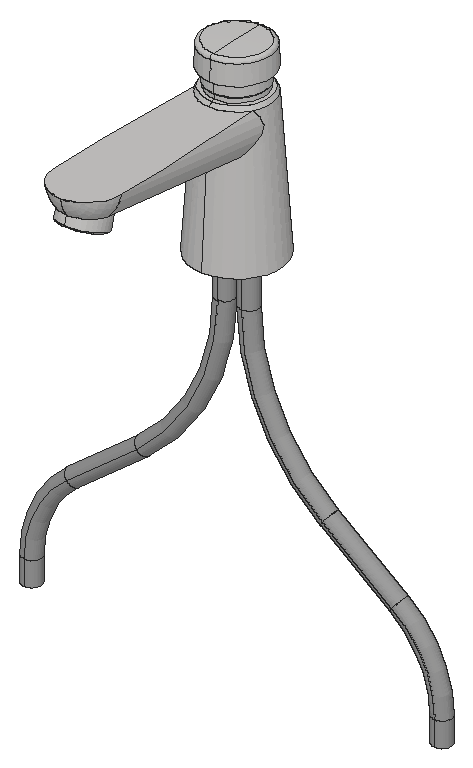
Revit family "PlumbingFixture_GroheLimited_BasinMixer_36265000_METRIC1", category Plumbing Fixtures, host Face, Revit 2015
Parameters (values of type "36265000")
  _DistributedBy = "www.bimstore.co.uk"
  _CurrentRevision = 1
  _CreatedBy = "www.bimstore.co.uk"
  _BimSpecGuid = 0
  _BSBibleVersion = 14
  _AuthorizedBy = "Kris Atkinson"
  _Author = "Ryan Lashley"
  Waste Connection = no
  WarrantyStartDate [instance] = "Please Record On Commissioning."
  WarrantyGuarantorParts = "info-uk@grohe.com"
  WarrantyGuarantorLabor = "info-uk@grohe.com"
  WarrantyDurationUnit = "Years"
  WarrantyDurationParts = "n/a"
  WarrantyDurationLabor = "n/a"
  WarrantyDescription = "n/a"
  WFU = 0
  Vent Connection = no
  URL = "www.grohe.com"
  TypeName = "Euroeco Cosmopolitan T Self-closing pillar tap 1/2\""
  Type Comments = "36265000"
  SpareParts = "n/a"
  Size = "n/a"
  Shape = "n/a"
  SerialNumber [instance] = "Please Record On Commissioning."
  ReplacementCost = "n/a"
  ReferencedStandard = "n/a"
  ProductionYear = "2017"
  ProductPageURL = "https://www.grohe.co.uk/en_gb/euroeco-cosmopolitan-t-self-closing-pillar-tap-1-2-36265000.html"
  ProductDocumentationLink = "https://www.grohe.co.uk/en_gb/euroeco-cosmopolitan-t-self-closing-pillar-tap-1-2-36265000.html"
  PrimaryMaterials = Grohe-Chrome-Polished
  PercentageOfRecycledContent = "n/a"
  NominalLength = 0 mm
  NominalHeight = 0 mm
  NominalDepth = 0 mm
  NBSReference = "45-35-70/345"
  NBSOfficeMasterTag = "n/a"
  NBSObjectName = "Grohe Limited - Water supply fittings for sinks"
  NBSNote = ""
  NBSDescription = "Water supply fittings for sinks"
  ModelReference = "Euroeco Cosmopolitan T Self-closing pillar tap 1/2\""
  ModelNumber = "36265000"
  Model = "Euroeco Cosmopolitan T Self-closing pillar tap 1/2\""
  Material = "Chrome"
  MasterformatTitle = "Sanitary Facilities"
  MasterformatNumber = "01 52 19"
  ManufacturerName = "Grohe Limited"
  Manufacturer = "Grohe Limited"
  LowEmittingMaterial = no
  LEEDCredit = "n/a"
  Keynote = "N13"
  InstallationDate [instance] = "Please Record On Commissioning."
  IndustryStandards = "n/a"
  IfcExportType = "IfcPipeFittingType"
  IfcExportAs = "IfcPipeFitting"
  HotWaterConnectionDiameter = 10 mm
  HWFU = 4.5
  HW Connection = yes
  Grade = "n/a"
  Finish = "Chrome"
  Features = "marking: blue/red. GROHE StarLight chrome finish. 3 adjustable flow times: short - medium - long (factory setting: short), approx. 7, 15, 30 sec (pressure dependent)."
  ExpectedLife = 0
  Ecojoy = no
  DurationUnit = "Years"
  DocumentationTechnical = "n/a"
  DocumentationMaintenance = "n/a"
  DocumentationLiterature = "n/a"
  DocumentationInstallationGuide = "n/a"
  DocumentationCertificates = "n/a"
  Description = "marking: blue/red. GROHE StarLight chrome finish. 3 adjustable flow times: short - medium - long (factory setting: short), approx. 7, 15, 30 sec (pressure dependent)."
  Default Elevation = 0 mm
  CreatedOn = "2017-05-08T00:00:00"
  CreatedBy = "info-uk@grohe.com"
  Cost = 0
  ContactGrohe = "GROHE Limited, World Business Centre 2, Newall Road, London Heathrow Airport, Hounslow, Middlesex, TW6 2SF - Tel: +44 (0) 871 200 3414 - Fax: +44 (0) 871 200 3415 - Email: info-uk@grohe.com"
  Constituents = "n/a"
  Color = "Chrome"
  ColdWaterConnectionDiameter = 10 mm
  CodePerformance = "n/a"
  ClassificationValue = "Pr_40_20_87_82"
  ClassificationName = "Uniclass2015"
  CWFU = 4.5
  CW Connection = yes
  BarCode [instance] = "Please Record On Commissioning."
  BIMObjectName = "PlumbingFixture_GroheLimited_BasinMixer_36265000_METRIC"
  AssetType = "Fixed"
  AssetIdentifier [instance] = "Please Record On Commissioning."
  Assembly Code = "D2010"
  AccessibilityPerformance = "n/a"
  ADACompliant = no
Reference planes
  plane 1 "Center (Front/Back)": y = 0
  plane 2: z = 0
  plane 3 "Center (Left/Right)": x = 0
Forms (mm)
  Revolve 1, solid, material "Grohe-Chrome-Polished" <- "PrimaryMaterials"
    sketch origin (0, 0, 0) x (0, 1, 0) y (0, 0, 1)
      loop
        line (0, 98.62) -> (0, 0) -> (22.5, 0) -> (17.53, 74.543) -> (16.412, 76.707) -> (14, 76.707) -> (14, 79) -> (14.7, 79.7) -> (14.7, 85.3) -> (13.88, 86.12) -> (17.25, 86.12) -> (17.07, 96.425)
        arc (17.07, 96.425) -> (16.494, 97.795) -> (15.132, 98.389) r 2
        arc (15.132, 98.389) -> (7.567, 98.563) -> (0, 98.62) r 488.822
      axis (0, 0) -> (0, 98.62)
    angle from 0 to 360
  Revolve 2, solid, material "Grohe-Chrome-Polished" <- "PrimaryMaterials"
    sketch origin (0, 0, 0) x (0, 1, 0) y (0, 0, 1)
      loop
        line (-88.994, 52.631) -> (-85.622, 61.897) -> (-96.71, 65.933) -> (-100.29, 56.098) -> (-90.189, 52.421) -> (-88.994, 52.631)
      axis (-96.71, 65.933) -> (-100.29, 56.098)
    angle from 0 to 360
  Revolve 3, void
    sketch origin (0, 0, -34.996) x (0, 1, 0) y (0, 0, 1)
      loop
        line (-113.646, 113.409) -> (-126.059, 114.888) -> (-129.607, 85.098) -> (-99.817, 81.55) -> (-98.339, 93.962)
        arc (-98.339, 93.962) -> (-110.02, 100.516) -> (-113.646, 113.409) r 17.5
      axis (-96.269, 111.34) -> (-126.059, 114.888)
    angle from 0 to 360
  Sweep 4, solid, material "Grohe-Chrome-Polished" <- "PrimaryMaterials"
    path in 3D
      loop
        line (0, 0, 64.877) -> (0, -119.158, 79.069)
    profile origin (0, -59.579, 71.973) x (0, -0.118266, -0.992982) y (1, 0, 0)
      loop
        circle (0, 0) r 17.5
  Extrusion 5, void
    sketch origin (0, 0, -30.086) x (0, 1, 0) y (0, 0, 1)
      loop
        line (37.709, 155.767) -> (-127.291, 155.767) -> (-127.291, 104.629) -> (37.709, 104.629) -> (37.709, 155.767)
    from -30.201 to 34.969
  Sweep 6, solid, material "Grohe-Pipework"
    path in 3D
      loop
        line (6.25, 0, 0) -> (6.25, 0, -22.649)
        arc (6.25, 0, -22.649) -> (17.282, 0, -69.5) -> (48.059, 0, -106.506) r 105
        line (48.059, 0, -106.506) -> (84.179, 0, -133.724)
        arc (84.179, 0, -133.724) -> (100.301, 0, -153.108) -> (106.079, 0, -177.649) r 55
        line (106.079, 0, -177.649) -> (106.079, 0, -190.227)
    profile origin (6.25, 0, -11.324) x (0, -1, 0) y (1, 0, 0)
      loop
        circle (0, 0) r 4.75
  Sweep 7, solid, material "Grohe-Pipework"
    path in 3D
      loop
        line (-6.25, 0, 0) -> (-6.25, 0, -22.649)
        arc (-6.25, 0, -22.649) -> (-17.282, 0, -69.5) -> (-48.059, 0, -106.506) r 105
        line (-48.059, 0, -106.506) -> (-84.179, 0, -133.724)
        arc (-84.179, 0, -133.724) -> (-100.301, 0, -153.108) -> (-106.079, 0, -177.649) r 55
        line (-106.079, 0, -177.649) -> (-106.079, 0, -190.227)
    profile origin (-6.25, 0, -11.324) x (0, -1, 0) y (1, 0, 0)
      loop
        circle (0, 0) r 4.75
Cuts and joins
  Revolve 3, Extrusion 5 cuts Sweep 4
  joined: Revolve 1, Revolve 2, Sweep 4
Lines and regions (mm)
  sketch lines
    curve 1: line (0, 0, 64.877) -> (0, -119.158, 79.069)
    curve 2: line (6.25, 0, 0) -> (6.25, 0, -22.649)
    curve 3: arc (48.059, 0, -106.506) -> (17.282, 0, -69.5) -> (6.25, 0, -22.649) r 105
    curve 4: line (48.059, 0, -106.506) -> (84.179, 0, -133.724)
    curve 5: arc (106.079, 0, -177.649) -> (100.301, 0, -153.108) -> (84.179, 0, -133.724) r 55
    curve 6: line (106.079, 0, -177.649) -> (106.079, 0, -190.227)
    curve 7: line (-6.25, 0, 0) -> (-6.25, 0, -22.649)
    curve 8: arc (-48.059, 0, -106.506) -> (-17.282, 0, -69.5) -> (-6.25, 0, -22.649) r 105
    curve 9: line (-48.059, 0, -106.506) -> (-84.179, 0, -133.724)
    curve 10: arc (-106.079, 0, -177.649) -> (-100.301, 0, -153.108) -> (-84.179, 0, -133.724) r 55
    curve 11: line (-106.079, 0, -177.649) -> (-106.079, 0, -190.227)
Dimensions and locks
  aligned and locked: plane 2 to host face
  aligned and locked: level to host face
Connectors
  piping at (-106.079, 0, -190.227), diameter 10, driven by "HWFU"
    settings: on Sweep 7, index 3, connector inside diameter 10 mm, connector length 0 mm, flow factor 0, pipe flow 0.0 L/s, pressure drop 20684.3 Pa, fitting loss kfactor 0, connector angle 0.00°, fixture units 4.5, engagement length 0 mm, angle of deflection 0.00°, flow configuration 3, flow direction 1, fitting loss method 4, system type 19, joint type 0, gender type 0, connector reference index -1, connector utility 0, adjustable connector no, is connector primary yes, connector description ""
  piping at (106.079, 0, -190.227), diameter 10, driven by "CWFU"
    settings: on Sweep 6, index 4, connector inside diameter 10 mm, connector length 0 mm, flow factor 0, pipe flow 0.0 L/s, pressure drop 20684.3 Pa, fitting loss kfactor 0, connector angle 0.00°, fixture units 4.5, engagement length 0 mm, angle of deflection 0.00°, flow configuration 3, flow direction 1, fitting loss method 4, system type 20, joint type 0, gender type 0, connector reference index -1, connector utility 0, adjustable connector no, is connector primary no, connector description ""
